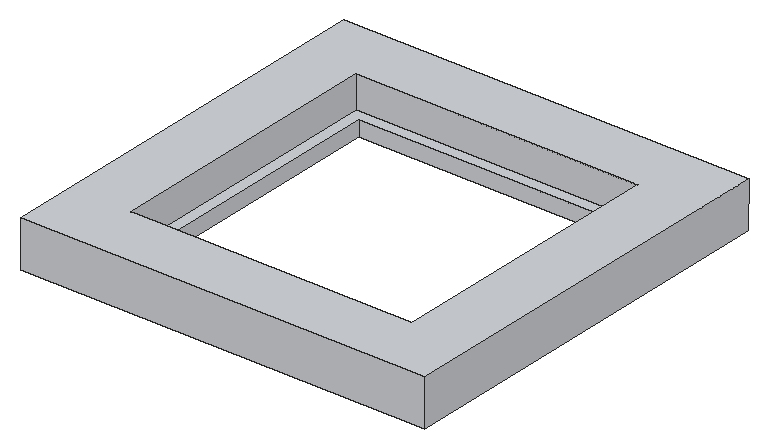
Revit family "Gira_021109", category Electrical Fixtures, host Face, Revit 2017
Family settings
  Host = Face
  Maintain Annotation Orientation = No
  Round Connector Dimension = Use Diameter
  Part Type = Normal
  Cut with Voids When Loaded = No
  Shared = No
  Room Calculation Point = No
Parameters (values of type "Abdeckrahmen 1f Gira E2 Schwarz m")
  Werkstoffgüte = "Thermoplast"
  Werkstoff = "Kunststoff"
  URL = "http://katalog.gira.de/de_DE/datenblatt.html?artikelnr=021109"
  Transparent = "No"
  Textfeld/Beschriftungsfläche = "No"
  Schutzart (IP) = "IP20"
  Region = "DE"
  Oberfläche = "sonstige"
  Name = "Abdeckrahmen 1f Gira E2 Schwarz m"
  Montagerichtung = "horizontal und vertikal"
  Mit Montagerahmen = "No"
  Mit Klappdeckel = "No"
  Manufacturer URL = "https://www.gira.de/"
  Keynote = "E2_Rahmen_1fach"
  HeinzeBIM = "https://bimportal.heinze.de/bim/abdeckrahmen-1f-gira-e2-schwarz-m/f13dd3c9629f6874bdc9e4e08db9d5aaf34a9a65"
  Halogenfrei = "Yes"
  HAN = "021109"
  Geeignet für Unterputz-Installation = "Yes"
  Geeignet für Unterflurkanaldose = "No"
  Geeignet für Geräteeinbaukanal = "No"
  Geeignet für Einbauinstallation = "No"
  GTIN = "4010337036739"
  Farbe = "schwarz"
  Default Elevation = 1219.2 mm
  Data sheet (1) = "https://katalog.gira.de/de_DE/download.html?artikelnr=021109"
  Category = "Abdeckrahmen"
  Befestigungsart = "Klemmbefestigung"
  Available = "Yes"
  Ausführung der Oberfläche = "matt"
  Anzahl der Einheiten vertikal = "1 "
  Anzahl der Einheiten horizontal = "1 "
  Anzahl der Einheiten = "1 "
Reference planes
  plane 1 "Center (Front/Back)": y = 0
  plane 2: z = 0
  plane 3 "Center (Left/Right)": x = 0
Forms (mm)
  Extrusion 1, solid, detail levels fine
    sketch origin (0, 0, 0) x (1, 0, 0) y (0, 1, 0)
      loop
        line (40.4, 40.4) -> (-40.4, 40.4) -> (-40.4, -40.4) -> (40.4, -40.4) -> (40.4, 40.4)
      loop
        line (-28.152, 28.1) -> (-28.152, -28.152) -> (28.1, -28.152) -> (28.1, 28.1) -> (-28.152, 28.1)
    from 0 to 9.3
  Extrusion 2, solid, detail levels fine
    sketch origin (0, 0, 0) x (1, 0, 0) y (0, 1, 0)
      loop
        line (-28.152, -28.152) -> (28.1, -28.152) -> (28.1, 28.1) -> (-28.152, 28.1) -> (-28.152, -28.152)
      loop
        line (25.7, -25.7) -> (25.7, 25.7) -> (-25.7, 25.7) -> (-25.7, -25.7) -> (25.7, -25.7)
    from 0 to 3
  Extrusion 3, solid, detail levels coarse+medium
    sketch origin (0, 0, 0) x (1, 0, 0) y (0, 1, 0)
      loop
        line (40.4, 40.4) -> (-40.4, 40.4) -> (-40.4, -40.4) -> (40.4, -40.4) -> (40.4, 40.4)
    from 0 to 9.3
Lines and regions (mm)
  reference lines
    curve 1: line (0, 40.4, 0) -> (0, -40.4, 0)
Dimensions and locks
  aligned and locked: plane 2 to host face
  aligned and locked: level to host face
